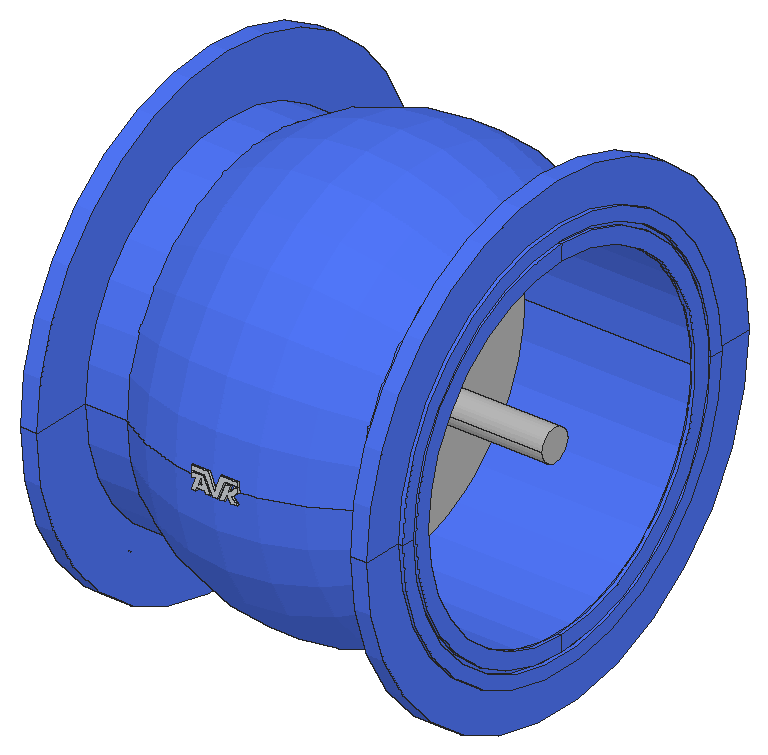
Revit family "903-20-001 DN65-600", category Pipe Accessories, Revit 2022
Family settings
  Round Connector Dimension = Use Diameter
  Part Type = Valve - Breaks Into
  Work Plane-Based = No
  Always vertical = Yes
  Cut with Voids When Loaded = No
  Shared = No
Parameters (values of type "DN450_PN10")
  wall_T = Flange_thickness * 0.5  # 14 mm
  w4 = W * 0.9  # 288 mm
  dim3 = dim2 * 0.8  # 20.52 mm
  dim2 = dim1 * 0.6  # 25.65 mm
  dim1 = (W - (ID)) * 0.45  # 42.75 mm
  W2 = W1 * 1.15  # 178.279 mm
  W1 = (L / 2) * 0.65  # 155.025 mm
  URL product pages = "https://www.avkvalves.com/P.aspx?no=9035002001000"
  Search_table = "903-20-001 DN65-600"
  L_ref_2 = size_lookup(Search_table, "L_ref_2", 0 mm, DN)  # 90 mm
  L_ref = size_lookup(Search_table, "L_ref", 0 mm, DN)  # 90 mm
  L3 = (L / 2) * 0.6  # 143.1 mm
  L/2 = L / 2  # 238.5 mm
  L = size_lookup(Search_table, "L", 0 mm, DN)  # 477 mm
  ID-1 = ID - 1 mm  # 224 mm
  ID = DN / 2  # 225 mm
  Flange_thickness_3 = Flange_thickness * 1.5  # 42 mm
  Flange_thickness_2 = Flange_thickness / 2  # 14 mm
  Flange_thickness = size_lookup(Search_table, "Flange_thickness", 0 mm, DN)  # 28 mm
  FL_T = Flange_thickness * 0.2  # 5.6 mm
  Description_ = "AVK SILENT CHECK VALVE, PN10/16"
  Default Elevation = 0 mm
  DN600_PN16 = "903-600-20-11000"
  DN600_PN10 = "903-600-20-01000"
  DN500_PN16 = "903-500-20-11000"
  DN500_PN10 = "903-500-20-01000"
  DN450_PN16 = "903-450-20-11000"
  DN450_PN10 = "903-450-20-01000"
  DN = 450 mm
  D2 = size_lookup(Search_table, "D2", 0 mm, DN) / 2  # 272 mm
  W = size_lookup(Search_table, "W", 0 mm, DN) / 2  # 320 mm
  C1 = C * 0.9  # 8.55 mm
  C = size_lookup(Search_table, "C", 0 mm, DN)  # 9.5 mm
  Bodywall_thickness = ID + 10 mm  # 235 mm
  DN400_PN16 = "903-400-20-11000"
  DN400_PN10 = "903-400-20-01000"
  DN350_PN16 = "903-350-20-11000"
  DN350_PN10 = "903-350-20-01000"
  DN300_PN16 = "903-300-20-11000"
  DN300_PN10 = "903-300-20-01000"
  DN250_PN16 = "903-250-20-11000"
  DN250_PN10 = "903-250-20-01000"
  DN200_PN16 = "903-200-20-11000"
  DN200_PN10 = "903-200-20-01000"
  DN150_PN10/16 = "903-150-20-11000"
  DN125_PN10/16 = "903-125-20-11000"
  DN100_PN10/16 = "903-100-20-11000"
  DN080_PN10/16 = "903-080-20-11000"
  DN065_PN10/16 = "903-065-20-11000"
  1 = 1 mm  # constant formula
Types (22, lengths in mm): name | wall_T | w4 | dim3 | dim2 | dim1 | W2 | W1 | L_ref_2 | L_ref | L3 | L/2 | L | ID-1 | ID | Flange_thickness_3 | Flange_thickness_2 | Flange_thickness | FL_T | DN | D2 | W | C1 | C | Bodywall_thickness
  (no name) | 14 | 288 | 20.52 | 25.65 | 42.75 | 178.279 | 155.025 | 90 | 90 | 143.1 | 238.5 | 477 | 224 | 225 | 42 | 14 | 28 | 5.6 | 450 | 272 | 320 | 8.55 | 9.5 | 235
  DN065_PN10/16 | 9.5 | 83.25 | 12.96 | 16.2 | 27 | 52.325 | 45.5 | 15 | 20 | 42 | 70 | 140 | 31.5 | 32.5 | 28.5 | 9.5 | 19 | 3.8 | 65 | 69.375 | 92.5 | 24.75 | 27.5 | 42.5
  DN080_PN10/16 | 9.5 | 90 | 12.96 | 16.2 | 27 | 56.81 | 49.4 | 20 | 15 | 45.6 | 76 | 152 | 39 | 40 | 28.5 | 9.5 | 19 | 3.8 | 80 | 75 | 100 | 31.95 | 35.5 | 50
  DN100_PN10/16 | 9.5 | 105.75 | 14.58 | 18.225 | 30.375 | 68.77 | 59.8 | 20 | 20 | 55.2 | 92 | 184 | 49 | 50 | 28.5 | 9.5 | 19 | 3.8 | 100 | 88.125 | 117.5 | 41.4 | 46 | 60
  DN125_PN10/16 | 9.5 | 121.5 | 15.66 | 19.575 | 32.625 | 80.73 | 70.2 | 25 | 20 | 64.8 | 108 | 216 | 61.5 | 62.5 | 28.5 | 9.5 | 19 | 3.8 | 125 | 101.25 | 135 | 45.9 | 51 | 72.5
  DN150_PN10/16 | 9.5 | 135 | 16.2 | 20.25 | 33.75 | 92.69 | 80.6 | 35 | 25 | 74.4 | 124 | 248 | 74 | 75 | 28.5 | 9.5 | 19 | 3.8 | 150 | 112.5 | 150 | 54.9 | 61 | 85
  DN200_PN10 | 10 | 162 | 17.28 | 21.6 | 36 | 118.479 | 103.025 | 30 | 40 | 95.1 | 158.5 | 317 | 99 | 100 | 30 | 10 | 20 | 4 | 200 | 135 | 180 | 75.6 | 84 | 110
  DN200_PN16 | 10 | 162 | 17.269 | 21.587 | 35.977 | 118.479 | 103.025 | 30 | 40 | 95.1 | 158.5 | 317 | 99.05 | 100.05 | 30 | 10 | 20 | 4 | 200.1 | 135 | 180 | 75.6 | 84 | 110.05
  DN250_PN10 | 11 | 198 | 20.52 | 25.65 | 42.75 | 147.257 | 128.05 | 60 | 55 | 118.2 | 197 | 394 | 124 | 125 | 33 | 11 | 22 | 4.4 | 250 | 165 | 220 | 106.2 | 118 | 135
  DN250_PN16 | 11 | 198 | 20.509 | 25.636 | 42.727 | 147.257 | 128.05 | 60 | 55 | 118.2 | 197 | 394 | 124.05 | 125.05 | 33 | 11 | 22 | 4.4 | 250.1 | 165 | 220 | 106.2 | 118 | 135.05
  DN300_PN10 | 11.25 | 225 | 21.6 | 27 | 45 | 135.297 | 117.65 | 40 | 60 | 108.6 | 181 | 362 | 149 | 150 | 33.75 | 11.25 | 22.5 | 4.5 | 300 | 187.5 | 250 | 14.4 | 16 | 160
  DN300_PN16 | 11.25 | 225 | 21.589 | 26.987 | 44.978 | 135.297 | 117.65 | 40 | 60 | 108.6 | 181 | 362 | 149.05 | 150.05 | 33.75 | 11.25 | 22.5 | 4.5 | 300.1 | 187.5 | 250 | 14.4 | 16 | 160.05
  DN350_PN10 | 12.25 | 261 | 24.84 | 31.05 | 51.75 | 149.5 | 130 | 50 | 80 | 120 | 200 | 400 | 174 | 175 | 36.75 | 12.25 | 24.5 | 4.9 | 350 | 217.5 | 290 | 31.95 | 35.5 | 185
  DN350_PN16 | 12.25 | 261 | 24.829 | 31.037 | 51.727 | 149.5 | 130 | 50 | 80 | 120 | 200 | 400 | 174.05 | 175.05 | 36.75 | 12.25 | 24.5 | 4.9 | 350.1 | 217.5 | 290 | 31.95 | 35.5 | 185.05
  DN400_PN10 | 13.25 | 285.75 | 25.38 | 31.725 | 52.875 | 167.44 | 145.6 | 50 | 80 | 134.4 | 224 | 448 | 199 | 200 | 39.75 | 13.25 | 26.5 | 5.3 | 400 | 238.125 | 317.5 | 45 | 50 | 210
  DN400_PN16 | 13.25 | 285.75 | 25.369 | 31.712 | 52.853 | 167.44 | 145.6 | 50 | 80 | 134.4 | 224 | 448 | 199.05 | 200.05 | 39.75 | 13.25 | 26.5 | 5.3 | 400.1 | 238.125 | 317.5 | 45 | 50 | 210.05
  DN450_PN10 | 14 | 288 | 20.52 | 25.65 | 42.75 | 178.279 | 155.025 | 90 | 90 | 143.1 | 238.5 | 477 | 224 | 225 | 42 | 14 | 28 | 5.6 | 450 | 272 | 320 | 8.55 | 9.5 | 235
  DN450_PN16 | 14 | 288 | 20.509 | 25.636 | 42.727 | 178.279 | 155.025 | 90 | 90 | 143.1 | 238.5 | 477 | 224.05 | 225.05 | 42 | 14 | 28 | 5.6 | 450.1 | 272 | 320 | 8.55 | 9.5 | 235.05
  DN500_PN10 | 15 | 321.75 | 23.22 | 29.025 | 48.375 | 196.219 | 170.625 | 95 | 95 | 157.5 | 262.5 | 525 | 249 | 250 | 45 | 15 | 30 | 6 | 500 | 303.875 | 357.5 | 7.65 | 8.5 | 260
  DN500_PN16 | 15 | 321.75 | 23.209 | 29.012 | 48.353 | 196.219 | 170.625 | 95 | 95 | 157.5 | 262.5 | 525 | 249.05 | 250.05 | 45 | 15 | 30 | 6 | 500.1 | 303.875 | 357.5 | 7.65 | 8.5 | 260.05
  DN600_PN10 | 15.75 | 378 | 25.92 | 32.4 | 54 | 228.361 | 198.575 | 100 | 100 | 183.3 | 305.5 | 611 | 299 | 300 | 47.25 | 15.75 | 31.5 | 6.3 | 600 | 357 | 420 | 24.3 | 27 | 310
  DN600_PN16 | 15.75 | 378 | 25.909 | 32.387 | 53.978 | 228.361 | 198.575 | 100 | 100 | 183.3 | 305.5 | 611 | 299.05 | 300.05 | 47.25 | 15.75 | 31.5 | 6.3 | 600.1 | 357 | 420 | 24.3 | 27 | 310.05
Reference planes
  plane 1 "Center (Front/Back)": y = 0
  plane 2: z = 0
  plane 3 "Center (Left/Right)": x = 0
  plane 4: y = 239
  plane 5: y = 320
  plane 6: through (0, 0, 0) normal (0, -0.5, -0.866)
  plane 7: through (0, 0, 0) normal (0, -0.5, 0.866)
  plane 8: through (0, 0, 0) normal (0, 0.866, -0.5)
  plane 9: through (0, 0, 0) normal (0, 0.866, 0.5)
  plane 10: x = -238.5
  plane 11: x = 238.5
  plane 12: x = -238.5
  plane 13: x = -238.5
  plane 14: x = 238.5
  plane 15: z = 320
  plane 16: z = -320
  plane 17: z = 272
  plane 18: z = -272
  plane 19: x = -238.5
  plane 20: x = -148.5
  plane 21: x = 238.5
  plane 22: y = 225
  plane 23: y = 225
  plane 24: z = 225
Forms (mm)
  Revolve 1, solid, material "Plastic"
    sketch origin (0, 0, 0) x (1, 0, 0) y (0, 1, 0)
      loop
        line (-210.5, 320) -> (-232.9, 320) -> (-232.9, 267.75) -> (-238.5, 267.75) -> (-238.5, 250.65) -> (-232.9, 250.65) -> (-232.9, 225) -> (232.9, 225) -> (232.9, 250.65) -> (238.5, 250.65) -> (238.5, 267.75) -> (232.9, 267.75) -> (232.9, 320) -> (210.5, 320) -> (210.5, 239) -> (155.025, 239)
        arc (155.025, 239) -> (0, 288) -> (-155.025, 239) r 269.732
        line (-155.025, 239) -> (-210.5, 239) -> (-210.5, 320)
      axis (-238.5, 0) -> (238.5, 0)
    angle from 0 to 360
  Extrusion 2, solid, material "Default Roof"
    sketch origin (0, 0, 0) x (0, 1, 0) y (0, 0, 1)
      loop
        circle (0, 0) r 21
    from -229.95 to 229
  Revolve 3, solid, material "Default Roof"
    sketch origin (0, 0, 0) x (1, 0, 0) y (0, 0, 1)
      loop
        line (-8.57, 225) -> (-8.57, 0) -> (8.57, 0) -> (8.57, 225) -> (-8.57, 225)
      axis (-8.57, 0) -> (8.57, 0)
    angle from 0 to 360
  Revolve 4, solid, material "Default Roof"
    sketch origin (0, 0, 0) x (1, 0, 0) y (0, 1, 0)
      loop
        line (-232.9, 225) -> (-232.9, 250.65) -> (-238.5, 250.65) -> (-238.5, 225) -> (-232.9, 225)
      axis (-238.5, 0) -> (-232.9, 0)
    angle from 0 to 360
  Revolve 5, solid, material "Default Roof"
    sketch origin (0, 0, 0) x (1, 0, 0) y (0, 0, 1)
      loop
        line (0, 224) -> (0, 225) -> (-238.5, 225) -> (-238.5, 224) -> (0, 224)
      axis (-238.5, 0) -> (0, 0)
    angle from 0 to 360
  Revolve 6, solid, material "Plastic"
    sketch origin (0, 0, 0) x (1, 0, 0) y (0, 0, 1)
      loop
        line (238.5, 245.52) -> (232.9, 245.52) -> (232.9, 225) -> (238.5, 225) -> (238.5, 245.52)
      axis (238.5, 0) -> (232.9, 0)
    angle from 0 to 360
Dimensions and locks
  equal spacing: plane 11, plane 3 "Center (Left/Right)", plane 10
  "L": plane 11 to plane 10
  equal spacing: plane 14, plane 3 "Center (Left/Right)", plane 13
  "L": plane 14 to plane 13
  locked: plane 13 to plane 12
  equal spacing: plane 15, level, plane 16
  "W": plane 15 to level
  plane 15 to plane 16 = 640 mm  (x2)
  equal spacing: plane 17, level, plane 18
  "D2": plane 17 to level
  plane 17 to plane 18 = 544 mm
  equal spacing: Revolve 3 sketch curve, plane 3 "Center (Left/Right)", Revolve 3 sketch curve
  "ID": Revolve 3 sketch curve to level
  "L/2": plane 3 "Center (Left/Right)" to plane 19
  "L_ref": plane 20 to plane 19
  equal spacing: plane 21, plane 3 "Center (Left/Right)", plane 19
  "C": plane 21 to Extrusion 2
  "C1": Extrusion 2 to plane 19
  plane 21 to plane 19 = 477 mm
  "FL_T": plane 19 to Revolve 1 sketch curve
  "ID": plane 1 "Center (Front/Back)" to Revolve 1 sketch curve
  "FL_T": Revolve 1 sketch curve to plane 21
  "FL_T": plane 19 to Revolve 4 sketch curve
  "Flange_thickness": Revolve 1 to plane 19
  "Flange_thickness": plane 21 to Revolve 1
  "ID": Revolve 5 sketch curve to level
  "ID-1": Revolve 5 sketch curve to level
  "Flange_thickness": plane 19 to Revolve 1 sketch curve
  "Flange_thickness": Revolve 1 sketch curve to plane 21
  "W": plane 1 "Center (Front/Back)" to plane 5
  equal spacing: Revolve 1 sketch curve, plane 3 "Center (Left/Right)", Revolve 1 sketch curve
  "W1": Revolve 1 sketch curve to plane 3 "Center (Left/Right)"
  "ID": plane 22 to plane 1 "Center (Front/Back)"
  "w4": plane 1 "Center (Front/Back)" to Revolve 1 sketch curve
  "dim1": Revolve 1 sketch curve to plane 22
  "dim2": Revolve 1 sketch curve to plane 22
  "ID": plane 1 "Center (Front/Back)" to plane 23
  "dim2": Revolve 4 sketch curve to plane 23
  "wall_T": plane 4 to plane 22
  "ID": level to Revolve 6 sketch curve
  "ID": level to plane 24
  "dim3": plane 24 to Revolve 6 sketch curve
  "FL_T": plane 21 to Revolve 6 sketch curve
  "Flange_thickness_3": diameter of Extrusion 2 sketch curve
  locked: plane 1 "Center (Front/Back)" to plane 6 (angle 120.00°)
  locked: plane 7 to plane 1 "Center (Front/Back)" (angle 120.00°)
  locked: plane 6 to plane 7 (angle 120.00°)
  locked: plane 8 to level (angle 60.00°)
  locked: plane 9 to plane 8 (angle 60.00°)
  locked: level to plane 9 (angle 60.00°)
  aligned and locked: level to plane 2
  aligned and locked: Revolve 1 sketch curve to Revolve 1 sketch curve  (x5)
  aligned and locked: Revolve 1 sketch curve to plane 4
  aligned and locked: plane 4 to Revolve 1 sketch curve
  aligned and locked: plane 5 to Revolve 1 sketch curve
  aligned and locked: plane 1 "Center (Front/Back)" to Revolve 1 sketch curve
  aligned and locked: level to Revolve 3 sketch curve
  aligned and locked: Revolve 3 sketch curve to plane 2
  aligned and locked: Revolve 1 sketch curve to plane 19
  aligned and locked: Revolve 4 sketch curve to plane 19
  aligned and locked: plane 1 "Center (Front/Back)" to Revolve 4 sketch curve
  aligned and locked: Revolve 5 sketch curve to plane 19
  aligned and locked: Revolve 5 sketch curve to plane 3 "Center (Left/Right)"
  aligned and locked: Revolve 5 sketch curve to level
  aligned and locked: Revolve 1 to plane 21
  aligned and locked: Revolve 1 sketch curve to plane 21
  aligned and locked: plane 23 to Revolve 4 sketch curve
  aligned and locked: plane 2 to Revolve 6 sketch curve
  aligned and locked: plane 21 to Revolve 6 sketch curve
Automatic sketch dimensions
  Revolve 1 sketch curve to plane 3 "Center (Left/Right)" = 10 mm
  plane 3 "Center (Left/Right)" to Revolve 1 sketch curve = 15 mm
  Extrusion 2 sketch curve to level = 0 mm
  Extrusion 2 sketch curve to plane 1 "Center (Front/Back)" = 0 mm
  Revolve 3 sketch curve to plane 3 "Center (Left/Right)" = 8.57 mm
  Revolve 3 sketch curve to Revolve 3 sketch curve = 10 mm
  Revolve 3 sketch curve to Revolve 3 sketch curve = 12.859 mm
  Revolve 4 sketch curve to plane 10 = 80.676 mm
  Revolve 4 sketch curve to Revolve 4 sketch curve = 60 mm
  Revolve 5 sketch curve to plane 10 = 135 mm
  Revolve 5 sketch curve to Revolve 5 sketch curve = 55 mm
  plane 11 to Revolve 6 sketch curve = 32.8 mm
  Revolve 6 sketch curve to Revolve 6 sketch curve = 290 mm
Nested families
  nested 1: "logo medium-11" at (4.597, -287.901, -5.889) x (0.9999, 0.017, 0.0003) z (0.017, -0.9996, -0.0204), type "logo medium-11"
Connectors
  piping at (-238.5, 0, 0), diameter 450, driven by "DN"
    settings: on Revolve 1, index 1, connector inside diameter 609.6 mm, connector length 0 mm, flow factor 0, pipe flow 0.0 L/s, pressure drop 0.0 Pa, fitting loss kfactor 0, connector angle 0.00°, fixture units 0, engagement length 0 mm, angle of deflection 0.00°, flow configuration 0, flow direction 0, fitting loss method 0, system type 7, joint type 0, gender type 0, connector reference index -1, connector utility 0, adjustable connector no, is connector primary yes, connector description ""
  piping at (238.5, 0, 0), diameter 450, driven by "DN"
    settings: on Revolve 1, index 2, connector inside diameter 609.6 mm, connector length 0 mm, flow factor 0, pipe flow 0.0 L/s, pressure drop 0.0 Pa, fitting loss kfactor 0, connector angle 0.00°, fixture units 0, engagement length 0 mm, angle of deflection 0.00°, flow configuration 0, flow direction 0, fitting loss method 0, system type 7, joint type 0, gender type 0, connector reference index -1, connector utility 0, adjustable connector no, is connector primary no, connector description ""
Definition of nested family "logo medium-11"
  Parameters
    Default Elevation = 1219.2 mm
  Reference planes
    plane 1 "Center (Front/Back)": y = 0
    plane 2: z = 0
    plane 3 "Center (Left/Right)": x = 0
  Forms (mm)
    Extrusion 1, solid
      sketch origin (0, 0, 0) x (1, 0, 0) y (0, 1, 0)
        loop
          line (-1219.2, 1219.2) -> (-1219.2, -1219.2) -> (1219.2, -1219.2) -> (1219.2, 1219.2) -> (-1219.2, 1219.2)
      from 0 to -188.781
    Extrusion 2, solid
      sketch origin (0, 0, 0) x (1, 0, 0) y (0, 1, 0)
        loop
          line (-30.911, 14.607) -> (-12.952, 14.607) -> (-3.438, -8.594) -> (3.26, -8.594) -> (12.676, 14.607) -> (30.732, 14.607) -> (30.732, 20.529) -> (7.968, 20.529) -> (0, 0) -> (-8.195, 20.529) -> (-30.911, 20.529) -> (-30.911, 14.607)
        loop
          line (30.732, 6.453) -> (30.732, 12.569) -> (24.908, 12.569)
          arc (24.908, 12.569) -> (22.993, 7.075) -> (17.724, 4.608) r 7.492
          line (17.724, 4.608) -> (20.928, 12.569) -> (14.521, 12.569) -> (5.881, -8.594) -> (12.434, -8.594) -> (15.777, -0.405) -> (21.354, -8.594) -> (29.424, -8.594) -> (22.319, 0.649)
          arc (22.319, 0.649) -> (26.344, 2.972) -> (29.424, 6.453) r 14.456
          line (29.424, 6.453) -> (30.732, 6.453)
        loop
          line (-5.865, -8.594) -> (-14.796, 12.569) -> (-30.911, 12.569) -> (-30.911, 6.453) -> (-25.086, 6.453) -> (-30.911, -8.594) -> (-25.086, -8.594) -> (-23.728, -5.084) -> (-13.656, -5.084) -> (-12.175, -8.594) -> (-5.865, -8.594)
        loop
          line (-18.776, 7.618) -> (-21.494, 0) -> (-15.961, 0) -> (-18.776, 7.618)
      from 0 to 2
  Dimensions and locks
    aligned and locked: plane 2 to Extrusion 1
    aligned and locked: level to Extrusion 1
    aligned and locked: Extrusion 2 sketch curve to import instance  (x36)
